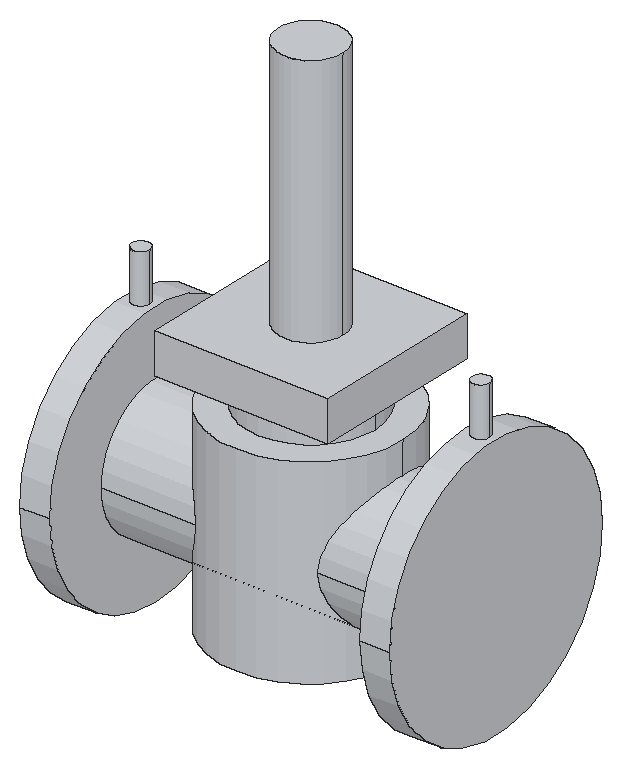
Revit family "OPTIMA_Compact_FLANGE_PN16_DN050-HF_RFA_2019", category Pipe Accessories, Revit 2019
Family settings
  Round Connector Dimension = Use Diameter
  Part Type = Valve - Breaks Into
  Work Plane-Based = No
  Always vertical = Yes
  Cut with Voids When Loaded = No
  Shared = No
Parameters (values of type "Optima Compact Flange PN16 DN050 HF")
  magiProductId = "Frese Optima Flange DN050 HF"
  magiProductFamilyId = "Frese Optima Flange *"
  magiPartTypeId = 304
  isMeasuringValve [instance] = no
  ang2D [instance] = 0.00°
  W2D = 50 mm
  VersionID = "2.0/2018.8.28.1/FRESE_OPTIMA_FLANGE_Q13_002"
  Use Minimum Symbol Size [instance] = yes
  URL = "www.hydronix.cz"
  Type Comments = "Přírubový; PN16; 0~120°C, s měřením"
  R4 = 40.25 mm
  R3 = 42.9 mm
  R1 = 57.5 mm
  QmdConnectorList = "301;D;302;D"
  Productdata [instance] = ""
  Manufacturer = "Hydronix"
  MC Product Code = "53-1210 (DN50 HF; 20mm; pohon min 1000N; Qmin-dpmin 3900l/h-19.0kPa; Qmax-dpmin 24000l/h-50.0kPa; dpmax 800kPa)"
  MC Piping Given Pressure Drop [instance] = 0.0 Pa
  LF__ve = -LF  # -18.4 mm
  LF2 = 9.2 mm
  LF = 18.4 mm
  L4 = 108.1 mm
  L3 = 193.2 mm
  L2D_Min = 3048 mm
  L2D = 230 mm
  L2 = 115 mm
  H6 = 157.25 mm
  H4 = 24.75 mm
  H3 = 20.625 mm
  H2 = 61.875 mm
  H1 = 123.75 mm
  Description = "Tlakově nezávislý 2-cestný regulační vyvažovací ventil (PICV)"
  DF2 = 82.5 mm
  D = 50 mm
  CAT0 = yes
Types (14, lengths in mm): name | magiProductId | magiProductFamilyId | W2D | Type Comments | R4 | R3 | R1 | MC Product Code | LF__ve | LF2 | LF | L4 | L3 | L2D | L2 | H6 | H4 | H3 | H2 | H1 | DF2 | D
  Optima Compact Flange PN16 DN050 LF | "Frese Optima Flange DN050 LF" | "Frese Optima Flange *" | 50 | "Přírubový; PN16; 0~120°C, s měřením" | 40.3 | 42.9 | 57.5 | "53-1200 (DN50 LF; 20mm; pohon min 1000N; Qmin-dpmin 2500l/h-6.5kPa; Qmax-dpmin 15000l/h-20.0kPa; dpmax 800kPa)" | -18.4 | 9.2 | 18.4 | 108.1 | 193.2 | 230 | 115 | 157.3 | 24.8 | 20.6 | 61.9 | 123.8 | 82.5 | 50
  Optima Compact Flange PN16 DN050 HF | "Frese Optima Flange DN050 HF" | "Frese Optima Flange *" | 50 | "Přírubový; PN16; 0~120°C, s měřením" | 40.25 | 42.9 | 57.5 | "53-1210 (DN50 HF; 20mm; pohon min 1000N; Qmin-dpmin 3900l/h-19.0kPa; Qmax-dpmin 24000l/h-50.0kPa; dpmax 800kPa)" | -18.4 | 9.2 | 18.4 | 108.1 | 193.2 | 230 | 115 | 157.25 | 24.75 | 20.625 | 61.875 | 123.75 | 82.5 | 50
  Optima Compact Flange PN16 DN065 LF | "Frese Optima Flange DN065 LF" | "Frese Optima Flange *" | 50 | "Přírubový; PN16; 0~120°C, s měřením" | 50.75 | 48.1 | 72.5 | "53-1201 (DN65 LF; 20mm; pohon min 1000N; Qmin-dpmin 4400l/h-15.0kPa; Qmax-dpmin 25000l/h-25.0kPa; dpmax 800kPa)" | -23.2 | 11.6 | 23.2 | 136.3 | 243.6 | 230 | 145 | 171.25 | 27.75 | 23.125 | 69.375 | 138.75 | 92.5 | 65
  Optima Compact Flange PN16 DN065 HF | "Frese Optima Flange DN065 HF" | "Frese Optima Flange *" | 50 | "Přírubový; PN16; 0~120°C, s měřením" | 50.75 | 48.1 | 72.5 | "53-1211 (DN65 HF; 20mm; pohon min 1000N; Qmin-dpmin 6000l/h-30.0kPa; Qmax-dpmin 35000l/h-55.0kPa; dpmax 800kPa)" | -23.2 | 11.6 | 23.2 | 136.3 | 243.6 | 230 | 145 | 171.25 | 27.75 | 23.125 | 69.375 | 138.75 | 92.5 | 65
  Optima Compact Flange PN16 DN080 LF | "Frese Optima Flange DN080 LF" | "Frese Optima Flange *" | 50 | "Přírubový; PN16; 0~120°C, s měřením" | 54.25 | 52 | 77.5 | "53-1202 (DN80 LF; 20mm; pohon min 1000N; Qmin-dpmin 5300l/h-16.0kPa; Qmax-dpmin 34000l/h-25.0kPa; dpmax 800kPa)" | -24.8 | 12.4 | 24.8 | 145.7 | 260.4 | 230 | 155 | 183 | 30 | 25 | 75 | 150 | 100 | 80
  Optima Compact Flange PN16 DN080 HF | "Frese Optima Flange DN080 HF" | "Frese Optima Flange *" | 50 | "Přírubový; PN16; 0~120°C, s měřením" | 54.25 | 52 | 77.5 | "53-1212 (DN80 HF; 20mm; pohon min 1000N; Qmin-dpmin 7000l/h-23.0kPa; Qmax-dpmin 43000l/h-50.0kPa; dpmax 800kPa)" | -24.8 | 12.4 | 24.8 | 145.7 | 260.4 | 230 | 155 | 183 | 30 | 25 | 75 | 150 | 100 | 80
  Optima Compact Flange PN16 DN100 LF | "Frese Optima Flange DN100 LF" | "Frese Optima Flange *" | 50 | "Přírubový; PN16; 0~120°C, s měřením" | 61.25 | 61.1 | 87.5 | "53-1203 (DN100 LF; 40mm; pohon min 1000N; Qmin-dpmin 12100l/h-20.0kPa; Qmax-dpmin 68000l/h-35.0kPa; dpmax 800kPa)" | -28 | 14 | 28 | 164.5 | 294 | 230 | 175 | 268.75 | 35.25 | 29.375 | 88.125 | 176.25 | 117.5 | 100
  Optima Compact Flange PN16 DN100 HF | "Frese Optima Flange DN100 HF" | "Frese Optima Flange *" | 50 | "Přírubový; PN16; 0~120°C, s měřením" | 61.25 | 61.1 | 87.5 | "53-1213 (DN100 HF; 40mm; pohon min 1000N; Qmin-dpmin 14800l/h-30.0kPa; Qmax-dpmin 90000l/h-75.0kPa; dpmax 800kPa)" | -28 | 14 | 28 | 164.5 | 294 | 230 | 175 | 268.75 | 35.25 | 29.375 | 88.125 | 176.25 | 117.5 | 100
  Optima Compact Flange PN16 DN125 LF | "Frese Optima Flange DN125 LF" | "Frese Optima Flange *" | 50 | "Přírubový; PN16; 0~120°C, s měřením" | 70 | 70.2 | 100 | "53-1204 (DN125 LF; 40mm; pohon min 1000N; Qmin-dpmin 18500l/h-16.0kPa; Qmax-dpmin 110000l/h-35.0kPa; dpmax 800kPa)" | -32 | 16 | 32 | 188 | 336 | 230 | 200 | 275.5 | 40.5 | 33.75 | 101.25 | 202.5 | 135 | 125
  Optima Compact Flange PN16 DN125 HF | "Frese Optima Flange DN125 HF" | "Frese Optima Flange *" | 50 | "Přírubový; PN16; 0~120°C, s měřením" | 70 | 70.2 | 100 | "53-1214 (DN125 HF; 40mm; pohon min 1000N; Qmin-dpmin 23000l/h-27.0kPa; Qmax-dpmin 135000l/h-53.0kPa; dpmax 800kPa)" | -32 | 16 | 32 | 188 | 336 | 230 | 200 | 275.5 | 40.5 | 33.75 | 101.25 | 202.5 | 135 | 125
  Optima Compact Flange PN16 DN150 LF | "Frese Optima Flange DN150 LF" | "Frese Optima Flange *" | 50 | "Přírubový; PN16; 0~110°C, s měřením" | 84 | 74.1 | 120 | "53-1205 (DN150 LF; 43mm; pohon min 1500N; Qmin-dpmin 25600l/h-21.0kPa; Qmax-dpmin 148000l/h-35.0kPa; dpmax 800kPa)" | -38.4 | 19.2 | 38.4 | 225.6 | 403.2 | 230 | 240 | 279.25 | 42.75 | 35.625 | 106.875 | 213.75 | 142.5 | 150
  Optima Compact Flange PN16 DN150 HF | "Frese Optima Flange DN150 HF" | "Frese Optima Flange *" | 50 | "Přírubový; PN16; 0~110°C, s měřením" | 84 | 74.1 | 120 | "53-1215 (DN150 HF; 43mm; pohon min 1500N; Qmin-dpmin 32000l/h-33.0kPa; Qmax-dpmin 195000l/h-65.0kPa; dpmax 800kPa)" | -38.4 | 19.2 | 38.4 | 225.6 | 403.2 | 230 | 240 | 279.25 | 42.75 | 35.625 | 106.875 | 213.75 | 142.5 | 150
  Optima Compact Flange PN16 DN200 LF | "" | "" | 100 | "Přírubový; PN16; 0~110°C, s měřením" | 164.5 | 98.8 | 235 | "53-1206 (DN200 LF; 43mm; pohon min 1500N; Qmin-dpmin 95000l/h-11.0kPa; Qmax-dpmin 210000l/h-32.0kPa; dpmax 800kPa)" | -48 | 24 | 48 | 282 | 504 | 350 | 300 | 281 | 57 | 15 | 209 | 380 | 190 | 200
  Optima Compact Flange PN16 DN200 HF | "" | "" | 100 | "Přírubový; PN16; 0~110°C, s měřením" | 164.5 | 98.8 | 235 | "53-1216 (DN200 HF; 43mm; pohon min 1500N; Qmin-dpmin 130000l/h-31.0kPa; Qmax-dpmin 280000l/h-78.0kPa; dpmax 800kPa)" | -48 | 24 | 48 | 282 | 504 | 350 | 300 | 281 | 57 | 15 | 209 | 380 | 190 | 200
Reference planes
  plane 1 "Center (Front/Back)": y = 0
  plane 2 "XYPLANE": z = 0
  plane 3 "Center (Left/Right)": x = 0
  plane 4 "157": x = 105.8
  plane 5 "156": x = -105.8
  plane 6 "155": z = 82.5
  plane 7 "154": z = 107.25
  plane 8 "153": z = 82.5
  plane 9 "152": z = 61.875
  plane 10 "151": x = -96.6
  plane 11 "150": z = -61.875
  plane 12 "149": x = 0
  plane 13 "148": y = 0
  plane 14 "147": z = 0
  plane 15 "146": x = -115
  plane 16 "145": x = 115
Forms (mm)
  Extrusion 1, solid, visible <- "CAT0"
    sketch origin (-750, 0, 82.5) x (1, 0, 0) y (0, 1, 0)
      loop
        circle (855.8, 0) r 5.5
    from 0 to 30
  Extrusion 2, solid, visible <- "CAT0"
    sketch origin (-750, 0, 82.5) x (1, 0, 0) y (0, 1, 0)
      loop
        circle (644.2, 0) r 5.5
    from 0 to 30
  Extrusion 3, solid, visible <- "CAT0"
    sketch origin (-750, 0, 107.25) x (1, 0, 0) y (0, 1, 0)
      loop
        circle (750, 0) r 20
    from 0 to 157.25 <- "H6"
  Extrusion 4, solid, visible <- "CAT0"
    sketch origin (-750, 0, 82.5) x (1, 0, 0) y (0, 1, 0)
      loop
        line (804.05, 54.05) -> (695.95, 54.05) -> (695.95, -54.05) -> (804.05, -54.05) -> (804.05, 54.05)
    from 0 to 24.75 <- "H4"
  Extrusion 5, solid, visible <- "CAT0"
    sketch origin (-750, 0, 61.875) x (1, 0, 0) y (0, 1, 0)
      loop
        circle (750, 0) r 40.25
    from 0 to 20.625 <- "H3"
  Extrusion 6, solid, visible <- "CAT0"
    sketch origin (-96.6, -750, 0) x (0, 1, 0) y (0, 0, 1)
      loop
        circle (750, 0) r 42.9
    from 0 to 193.2 <- "L3"
  Extrusion 7, solid, visible <- "CAT0"
    sketch origin (-750, 0, -61.875) x (1, 0, 0) y (0, 1, 0)
      loop
        circle (750, 0) r 57.5
    from 0 to 123.75 <- "H1"
  Extrusion 8, solid, visible <- "CAT0"
    sketch origin (-115, -750, 0) x (0, 1, 0) y (0, 0, 1)
      loop
        circle (750, 0) r 82.5
    from 0 to 18.4 <- "LF"
  Extrusion 9, solid, visible <- "CAT0"
    sketch origin (115, -750, 0) x (0, 1, 0) y (0, 0, 1)
      loop
        circle (750, 0) r 82.5
    from 0 to -18.4 <- "LF__ve"
  Extrusion 10, solid, not visible
    sketch origin (-115, -750, 0) x (0, 1, 0) y (0, 0, 1)
      loop
        circle (750, 0) r 10
    from 0 to 10
  Extrusion 11, solid, not visible
    sketch origin (115, -750, 0) x (0, 1, 0) y (0, 0, 1)
      loop
        circle (750, 0) r 10
    from 0 to -10
Lines and regions (mm)
  reference lines, not visible
    curve 1: circle (2, 2, 0) r 1 normal (0, 0, 1)
  reference lines
    curve 2: circle (0, 0, 82.5) r 1 normal (0, 0, 1)
Dimensions and locks
  plane 1 "Center (Front/Back)" to curve 1 = 2 mm
  "LF2": plane 16 "145" to plane 4 "157"
  "LF2": plane 15 "146" to plane 5 "156"
  "DF2": plane 2 "XYPLANE" to plane 6 "155"
  "H4": plane 8 "153" to plane 7 "154"
  "H3": plane 9 "152" to plane 8 "153"
  "H1": plane 11 "150" to plane 9 "152"
  "LF": plane 15 "146" to plane 10 "151"
  "H2": plane 2 "XYPLANE" to plane 11 "150"
  locked: plane 3 "Center (Left/Right)" to plane 12 "149"
  locked: plane 1 "Center (Front/Back)" to plane 13 "148"
  locked: plane 2 "XYPLANE" to plane 14 "147"
  "L2": plane 3 "Center (Left/Right)" to plane 15 "146"
  "L2": plane 3 "Center (Left/Right)" to plane 16 "145"
  equal spacing: Extrusion 4 sketch curve, curve 2, Extrusion 4 sketch curve  (x2)
  "L4": Extrusion 4 sketch curve to Extrusion 4 sketch curve  (x2)
  Extrusion 4 sketch curve to Extrusion 4 sketch curve = 0 mm  (x8)
  "R4": radius of Extrusion 5 sketch curve
  "R3": radius of Extrusion 6 sketch curve
  "R1": radius of Extrusion 7 sketch curve
  "DF2": radius of Extrusion 8 sketch curve
  "DF2": radius of Extrusion 9 sketch curve
  aligned and locked: level to plane 2 "XYPLANE"
  aligned and locked: plane 4 "157" to Extrusion 1 sketch curve
  aligned and locked: plane 13 "148" to Extrusion 1 sketch curve
  aligned and locked: plane 5 "156" to Extrusion 2 sketch curve
  aligned and locked: plane 13 "148" to Extrusion 2 sketch curve
  aligned and locked: plane 12 "149" to Extrusion 3 sketch curve
  aligned and locked: plane 13 "148" to Extrusion 3 sketch curve
  aligned and locked: plane 12 "149" to curve 2
  aligned and locked: plane 13 "148" to curve 2
  aligned and locked: plane 12 "149" to Extrusion 5 sketch curve
  aligned and locked: plane 13 "148" to Extrusion 5 sketch curve
  aligned and locked: Extrusion 6 sketch curve to plane 13 "148"
  aligned and locked: plane 14 "147" to Extrusion 6 sketch curve
  aligned and locked: plane 12 "149" to Extrusion 7 sketch curve
  aligned and locked: plane 13 "148" to Extrusion 7 sketch curve
  aligned and locked: Extrusion 8 sketch curve to plane 13 "148"
  aligned and locked: plane 14 "147" to Extrusion 8 sketch curve
  aligned and locked: Extrusion 9 sketch curve to plane 13 "148"
  aligned and locked: plane 14 "147" to Extrusion 9 sketch curve
  aligned and locked: Extrusion 10 sketch curve to plane 13 "148"
  aligned and locked: plane 14 "147" to Extrusion 10 sketch curve
  aligned and locked: Extrusion 11 sketch curve to plane 13 "148"
  aligned and locked: plane 14 "147" to Extrusion 11 sketch curve
Automatic sketch dimensions
  Extrusion 1 sketch curve to plane 4 "157" = 5.5 mm
  plane 15 "146" to Extrusion 2 sketch curve = 3.7 mm
  Extrusion 3 sketch curve to plane 3 "Center (Left/Right)" = 20 mm
  plane 1 "Center (Front/Back)" to Extrusion 10 sketch curve = 10 mm
  plane 1 "Center (Front/Back)" to Extrusion 11 sketch curve = 10 mm
  plane 3 "Center (Left/Right)" to curve 1 = 2 mm
  plane 10 "151" to Extrusion 4 sketch curve = 42.55 mm
  plane 1 "Center (Front/Back)" to Extrusion 4 sketch curve = 54.05 mm
  radius of curve 2 = 1 mm
  radius of curve 1 = 1 mm
Connectors
  piping at (-115, 0, 0), diameter 50, driven by "D"
    settings: on Extrusion 10, index 1, connector inside diameter 609.6 mm, connector length 0 mm, flow factor 0, pipe flow 0.0 L/s, pressure drop 0.0 Pa, fitting loss kfactor 0, connector angle 0.00°, fixture units 0, engagement length 0 mm, angle of deflection 0.00°, flow configuration 0, flow direction 0, fitting loss method 0, system type 29, joint type 0, gender type 0, connector reference index 2, connector utility 0, adjustable connector no, is connector primary yes, connector description ""
  piping at (115, 0, 0), diameter 50, driven by "D"
    settings: on Extrusion 11, index 2, connector inside diameter 609.6 mm, connector length 0 mm, flow factor 0, pipe flow 0.0 L/s, pressure drop 0.0 Pa, fitting loss kfactor 0, connector angle 0.00°, fixture units 0, engagement length 0 mm, angle of deflection 0.00°, flow configuration 0, flow direction 0, fitting loss method 0, system type 29, joint type 0, gender type 0, connector reference index 1, connector utility 0, adjustable connector no, is connector primary no, connector description ""
